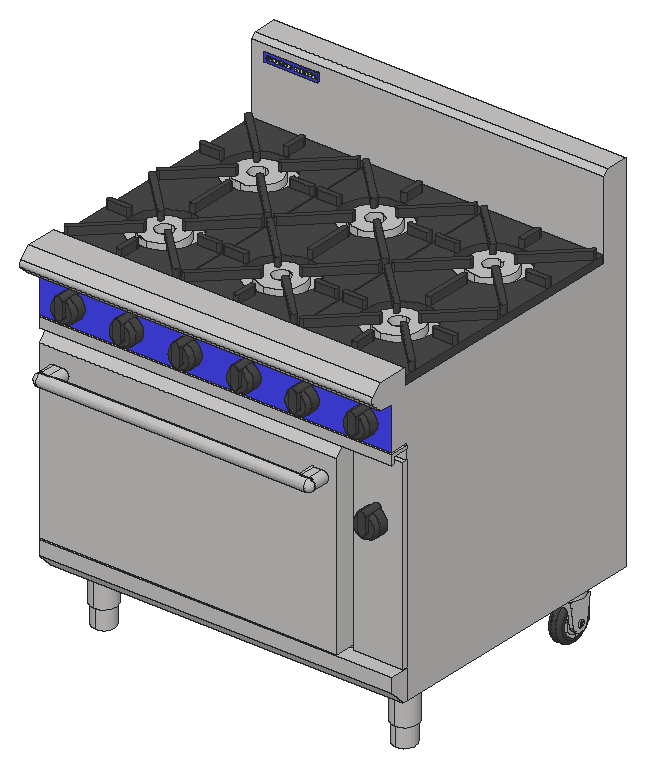
Revit family "QF_MOFFAT_BLUESEAL_AU_G506D", category Specialty Equipment, Revit 2012 (continued)
Lines and regions (mm)
  symbolic lines
    curve 87: line (723.907, -512.407, 0) -> (610.77, -399.27, 0)
    curve 88: line (610.733, -537.634, 0) -> (662.459, -537.634, 0)
    curve 89: line (781.093, -512.407, 0) -> (894.23, -399.27, 0)
    curve 90: line (723.907, -562.593, 0) -> (610.77, -675.73, 0)
    curve 91: line (781.093, -562.593, 0) -> (894.23, -675.73, 0)
    curve 92: line (752.466, -96.281, 0) -> (752.466, -149.16, 0)
    curve 93: line (723.907, -269.593, 0) -> (610.77, -382.73, 0)
    curve 94: line (781.093, -269.593, 0) -> (894.23, -382.73, 0)
    curve 95: line (893.24, -241, 0) -> (843.24, -241, 0)
    curve 96: line (610.733, -241, 0) -> (662.459, -241, 0)
    curve 97: line (723.907, -205.407, 0) -> (610.77, -92.27, 0)
    curve 98: line (781.093, -205.407, 0) -> (894.23, -92.27, 0)
    curve 99: line (32.794, -18.385, 0) -> (260.753, -18.385, 0)
    curve 100: arc (260.753, -18.385, 0) -> (265.753, -19.725, 0) -> (269.413, -23.385, 0) r 10
    curve 101: line (269.413, -23.385, 0) -> (273.455, -30.385, 0)
    curve 102: arc (273.455, -30.385, 0) -> (273.455, -40.385, 0) -> (264.794, -45.385, 0) r 10
    curve 103: line (264.794, -45.385, 0) -> (36.836, -45.385, 0)
    curve 104: arc (36.836, -45.385, 0) -> (31.836, -44.045, 0) -> (28.176, -40.385, 0) r 10
    curve 105: line (28.176, -40.385, 0) -> (24.134, -33.385, 0)
    curve 106: arc (24.134, -33.385, 0) -> (24.134, -23.385, 0) -> (32.794, -18.385, 0) r 10
    curve 107: line (560.753, -18.385, 0) -> (332.794, -18.385, 0)
    curve 108: arc (332.794, -18.385, 0) -> (324.134, -23.385, 0) -> (324.134, -33.385, 0) r 10
    curve 109: line (324.134, -33.385, 0) -> (328.176, -40.385, 0)
    curve 110: arc (328.176, -40.385, 0) -> (331.836, -44.045, 0) -> (336.836, -45.385, 0) r 10
    curve 111: line (336.836, -45.385, 0) -> (564.794, -45.385, 0)
    curve 112: arc (564.794, -45.385, 0) -> (573.455, -40.385, 0) -> (573.455, -30.385, 0) r 10
    curve 113: line (573.455, -30.385, 0) -> (569.413, -23.385, 0)
    curve 114: arc (569.413, -23.385, 0) -> (565.753, -19.725, 0) -> (560.753, -18.385, 0) r 10
    curve 115: line (632.794, -18.385, 0) -> (860.753, -18.385, 0)
    curve 116: arc (860.753, -18.385, 0) -> (865.753, -19.725, 0) -> (869.413, -23.385, 0) r 10
    curve 117: line (869.413, -23.385, 0) -> (873.455, -30.385, 0)
    curve 118: arc (873.455, -30.385, 0) -> (873.455, -40.385, 0) -> (864.794, -45.385, 0) r 10
    curve 119: line (864.794, -45.385, 0) -> (636.836, -45.385, 0)
    curve 120: arc (636.836, -45.385, 0) -> (631.836, -44.045, 0) -> (628.176, -40.385, 0) r 10
    curve 121: line (628.176, -40.385, 0) -> (624.134, -33.385, 0)
    curve 122: arc (624.134, -33.385, 0) -> (624.134, -23.385, 0) -> (632.794, -18.385, 0) r 10
    curve 123: line (0, -783.97, 0) -> (900, -783.97, 0)
    curve 124: line (0, -57.5, 0) -> (900, -57.5, 0)
  symbolic lines, style "QF_Door-Drawer Clearances", visible <- "Show Clearance"
    curve 12: line (0, -1218.847, 0) -> (0, -812, 0)
    curve 13: line (0, -1218.847, 0) -> (760, -1218.847, 0)
    curve 14: line (760, -1218.847, 0) -> (760, -812, 0)
Dimensions and locks
  equal spacing: plane 3 "LEFT", plane 7 "Center Y", plane 4 "RIGHT"
  "Width": plane 3 "LEFT" to plane 4 "RIGHT"
  equal spacing: plane 5 "FRONT", plane 8 "Center X", plane 1 "BACK"
  plane 5 "FRONT" to plane 1 "BACK" = 812 mm  (x2)
  equal spacing: plane 4 "RIGHT", plane 7 "Center Y", plane 3 "LEFT"
  plane 4 "RIGHT" to plane 3 "LEFT" = 900 mm
  "Height": plane 6 "TOP" to level
  plane 10 to plane 1 "BACK" = 574.272 mm
  plane 12 to plane 1 "BACK" = 304.972 mm  (x2)
  plane 11 to plane 3 "LEFT" = 60 mm
  plane 14 to plane 3 "LEFT" = 74 mm
  plane 9 to plane 3 "LEFT" = 280 mm
  "Depth": plane 1 "BACK" to plane 15
  plane 15 to plane 5 "FRONT" = 0 mm
  plane 6 "TOP" to plane 2 = 970 mm
  plane 2 to Extrusion 1 sketch curve = 875 mm
  locked: plane 2 to Extrusion 1 sketch curve at 915
  Revolve 30 sketch curve to Revolve 30 sketch curve = 50.8 mm
  Revolve 34 sketch curve to Revolve 34 sketch curve = 50.8 mm
  plane 20 to level = 1085 mm
  Extrusion 35 sketch curve to plane 22 = 64.8 mm
  plane 23 to Extrusion 38 sketch curve = 67.217 mm
  plane 24 to Extrusion 39 sketch curve = 65.8 mm
  aligned and locked: level to plane 2
  aligned and locked: curve 3 to plane 4 "RIGHT"
Automatic sketch dimensions
  Extrusion 1 sketch curve to plane 21 = 0 mm
  Extrusion 1 sketch curve to plane 20 = 0 mm
  Extrusion 1 sketch curve to plane 1 "BACK" = 0 mm
  plane 21 to Extrusion 1 sketch curve = 44 mm
  Extrusion 1 sketch curve to plane 5 "FRONT" = 28.03 mm
  Extrusion 1 sketch curve to plane 5 "FRONT" = 27.03 mm
  Extrusion 1 sketch curve to plane 5 "FRONT" = 12.018 mm
  Extrusion 1 sketch curve to plane 5 "FRONT" = 3.524 mm  (x2)
  Extrusion 1 sketch curve to plane 21 = 6 mm
  Extrusion 1 sketch curve to plane 20 = 12.5 mm
  plane 19 to Extrusion 1 sketch curve = 30 mm
  Extrusion 1 sketch curve to Extrusion 1 sketch curve = 12.5 mm
  Extrusion 1 sketch curve to Extrusion 1 sketch curve = 41.494 mm
  Extrusion 1 sketch curve to Extrusion 1 sketch curve = 25 mm
  plane 18 to Extrusion 1 sketch curve = 85 mm
  level to Extrusion 1 sketch curve = 150 mm
  Extrusion 1 sketch curve to Extrusion 1 sketch curve = 8.494 mm
  plane 21 to Extrusion 2 sketch curve = 20 mm
  Extrusion 2 sketch curve to plane 21 = 6 mm
  level to Extrusion 2 sketch curve = 227.5 mm
  plane 21 to Extrusion 3 sketch curve = 9 mm
  Extrusion 3 sketch curve to plane 21 = 6 mm
  level to Extrusion 3 sketch curve = 227.5 mm
  plane 18 to Extrusion 3 sketch curve = 45 mm
  Revolve 4 sketch curve to level = 0 mm
  Revolve 4 sketch curve to plane 21 = 48.25 mm
  Revolve 4 sketch curve to Revolve 4 sketch curve = 4.25 mm
  Revolve 4 sketch curve to Revolve 4 sketch curve = 27.5 mm  (x2)
  level to Revolve 4 sketch curve = 50 mm
  Revolve 4 sketch curve to Revolve 4 sketch curve = 0 mm
  Revolve 4 sketch curve to Revolve 4 sketch curve = 100 mm
  Revolve 4 sketch curve to Revolve 4 sketch curve = 55 mm
  Revolve 5 sketch curve to level = 0 mm
  Revolve 5 sketch curve to plane 21 = 48.25 mm
  Revolve 5 sketch curve to Revolve 5 sketch curve = 4.25 mm
  Revolve 5 sketch curve to Revolve 5 sketch curve = 27.5 mm  (x2)
  Revolve 5 sketch curve to level = 55 mm
  Revolve 5 sketch curve to Revolve 5 sketch curve = 50 mm
  Revolve 5 sketch curve to Revolve 5 sketch curve = 0 mm
  Revolve 5 sketch curve to Revolve 5 sketch curve = 100 mm
  Extrusion 6 sketch curve to plane 17 = 0 mm
  Extrusion 6 sketch curve to plane 16 = 64.5 mm
  Revolve 7 sketch curve to plane 5 "FRONT" = 19 mm
  Revolve 7 sketch curve to Revolve 7 sketch curve = 0 mm  (x2)
  Revolve 7 sketch curve to Revolve 7 sketch curve = 11 mm
  Revolve 7 sketch curve to Revolve 7 sketch curve = 12.7 mm
  Revolve 7 sketch curve to Revolve 7 sketch curve = 23 mm
  Revolve 7 sketch curve to Revolve 7 sketch curve = 10 mm
  plane 18 to Revolve 7 sketch curve = 141.882 mm
  Revolve 7 sketch curve to Revolve 7 sketch curve = 5 mm
  Revolve 7 sketch curve to Revolve 7 sketch curve = 26.651 mm
  Revolve 7 sketch curve to Revolve 7 sketch curve = 5.849 mm
  Revolve 8 sketch curve to plane 5 "FRONT" = 19 mm
  Revolve 8 sketch curve to Revolve 8 sketch curve = 0 mm  (x2)
  Revolve 8 sketch curve to Revolve 8 sketch curve = 11 mm
  Revolve 8 sketch curve to Revolve 8 sketch curve = 12.7 mm
  Revolve 8 sketch curve to Revolve 8 sketch curve = 23 mm
  Revolve 8 sketch curve to Revolve 8 sketch curve = 10 mm
  plane 18 to Revolve 8 sketch curve = 141.882 mm
  Revolve 8 sketch curve to Revolve 8 sketch curve = 5 mm
  Revolve 8 sketch curve to Revolve 8 sketch curve = 26.651 mm
  Revolve 8 sketch curve to Revolve 8 sketch curve = 5.849 mm
  Revolve 9 sketch curve to plane 5 "FRONT" = 19 mm
  Revolve 9 sketch curve to Revolve 9 sketch curve = 0 mm  (x2)
  Revolve 9 sketch curve to Revolve 9 sketch curve = 11 mm
  Revolve 9 sketch curve to Revolve 9 sketch curve = 12.7 mm
  Revolve 9 sketch curve to Revolve 9 sketch curve = 23 mm
  Revolve 9 sketch curve to Revolve 9 sketch curve = 10 mm
  Revolve 9 sketch curve to plane 6 "TOP" = 140.618 mm
  Revolve 9 sketch curve to Revolve 9 sketch curve = 5.849 mm
  Revolve 9 sketch curve to Revolve 9 sketch curve = 27.5 mm
  Revolve 9 sketch curve to Revolve 9 sketch curve = 5 mm
  Revolve 10 sketch curve to plane 5 "FRONT" = 19 mm
  Revolve 10 sketch curve to Revolve 10 sketch curve = 0 mm  (x2)
  Revolve 10 sketch curve to Revolve 10 sketch curve = 11 mm
  Revolve 10 sketch curve to Revolve 10 sketch curve = 12.7 mm
  Revolve 10 sketch curve to Revolve 10 sketch curve = 23 mm
  Revolve 10 sketch curve to Revolve 10 sketch curve = 10 mm
  Revolve 10 sketch curve to plane 6 "TOP" = 140.618 mm
  Revolve 10 sketch curve to Revolve 10 sketch curve = 5.849 mm
  Revolve 10 sketch curve to Revolve 10 sketch curve = 27.5 mm
  Revolve 10 sketch curve to Revolve 10 sketch curve = 5 mm
  Revolve 11 sketch curve to plane 5 "FRONT" = 19 mm
  Revolve 11 sketch curve to Revolve 11 sketch curve = 0 mm  (x2)
  Revolve 11 sketch curve to Revolve 11 sketch curve = 11 mm
  Revolve 11 sketch curve to Revolve 11 sketch curve = 12.7 mm
  Revolve 11 sketch curve to Revolve 11 sketch curve = 23 mm
  Revolve 11 sketch curve to Revolve 11 sketch curve = 10 mm
  Revolve 11 sketch curve to plane 6 "TOP" = 140.618 mm
  Revolve 11 sketch curve to Revolve 11 sketch curve = 5.849 mm
  Revolve 11 sketch curve to Revolve 11 sketch curve = 27.5 mm
  Revolve 11 sketch curve to Revolve 11 sketch curve = 5 mm
  plane 14 to Extrusion 12 sketch curve = 26.156 mm
  Extrusion 12 sketch curve to Extrusion 12 sketch curve = 10 mm
  Extrusion 12 sketch curve to plane 6 "TOP" = 146.118 mm
  Extrusion 12 sketch curve to Extrusion 12 sketch curve = 35 mm
  Extrusion 13 sketch curve to plane 9 = 29.844 mm
  Extrusion 13 sketch curve to Extrusion 13 sketch curve = 10 mm
  Extrusion 13 sketch curve to plane 6 "TOP" = 146.118 mm
  Extrusion 13 sketch curve to Extrusion 13 sketch curve = 35 mm
  Extrusion 14 sketch curve to plane 16 = 4.656 mm
  plane 16 to Extrusion 14 sketch curve = 5.344 mm
  plane 18 to Extrusion 14 sketch curve = 133.882 mm
  Extrusion 14 sketch curve to Extrusion 14 sketch curve = 35 mm
  Extrusion 15 sketch curve to plane 16 = 154.656 mm
  Extrusion 15 sketch curve to Extrusion 15 sketch curve = 10 mm
  plane 18 to Extrusion 15 sketch curve = 133.882 mm
  Extrusion 15 sketch curve to Extrusion 15 sketch curve = 35 mm
  Extrusion 16 sketch curve to plane 7 "Center Y" = 49.868 mm
  Extrusion 16 sketch curve to Extrusion 16 sketch curve = 10 mm
  Extrusion 16 sketch curve to plane 6 "TOP" = 146.118 mm
  Extrusion 16 sketch curve to Extrusion 16 sketch curve = 35 mm
  plane 7 "Center Y" to Extrusion 17 sketch curve = 100.132 mm
  Extrusion 17 sketch curve to Extrusion 17 sketch curve = 10 mm
  Extrusion 17 sketch curve to plane 6 "TOP" = 146.118 mm
  Extrusion 17 sketch curve to Extrusion 17 sketch curve = 35 mm
  Revolve 18 sketch curve to plane 5 "FRONT" = 54 mm
  Revolve 18 sketch curve to Revolve 18 sketch curve = 0 mm  (x2)
  Revolve 18 sketch curve to Revolve 18 sketch curve = 11 mm
  Revolve 18 sketch curve to Revolve 18 sketch curve = 12.7 mm
  plane 21 to Revolve 18 sketch curve = 19 mm
  plane 21 to Revolve 18 sketch curve = 9 mm
  Revolve 18 sketch curve to plane 18 = 103.743 mm
  Revolve 18 sketch curve to Revolve 18 sketch curve = 5 mm
  Revolve 18 sketch curve to Revolve 18 sketch curve = 26.651 mm
  Revolve 18 sketch curve to Revolve 18 sketch curve = 5.849 mm
  Extrusion 19 sketch curve to plane 16 = 7.156 mm
  plane 16 to Extrusion 19 sketch curve = 2.844 mm
  Extrusion 19 sketch curve to plane 18 = 111.743 mm
  Extrusion 19 sketch curve to Extrusion 19 sketch curve = 35 mm
  plane 21 to Extrusion 20 sketch curve = 44 mm
  level to Extrusion 20 sketch curve = 227.5 mm
  plane 5 "FRONT" to Extrusion 20 sketch curve = 406.847 mm
  plane 1 "BACK" to Extrusion 21 sketch curve = 0 mm
  Extrusion 21 sketch curve to plane 17 = 7 mm
  Extrusion 21 sketch curve to plane 16 = 140.5 mm
  plane 19 to Extrusion 21 sketch curve = 13 mm
  Extrusion 21 sketch curve to Extrusion 21 sketch curve = 50 mm
  Extrusion 21 sketch curve to plane 16 = 10.5 mm
  Revolve 22 sketch curve to plane 5 "FRONT" = 19 mm
  Revolve 22 sketch curve to Revolve 22 sketch curve = 0 mm  (x2)
  Revolve 22 sketch curve to Revolve 22 sketch curve = 11 mm
  Revolve 22 sketch curve to Revolve 22 sketch curve = 12.7 mm
  Revolve 22 sketch curve to Revolve 22 sketch curve = 23 mm
  Revolve 22 sketch curve to Revolve 22 sketch curve = 10 mm
  Revolve 22 sketch curve to plane 6 "TOP" = 140.618 mm
  Revolve 22 sketch curve to Revolve 22 sketch curve = 5.849 mm
  Revolve 22 sketch curve to Revolve 22 sketch curve = 27.5 mm
  Revolve 22 sketch curve to Revolve 22 sketch curve = 5 mm
  Extrusion 23 sketch curve to plane 11 = 1.472 mm
  Extrusion 23 sketch curve to plane 18 = 46.875 mm  (x2)
  Extrusion 23 sketch curve to Extrusion 23 sketch curve = 15 mm  (x2)
  Extrusion 23 sketch curve to plane 16 = 131.743 mm
  Extrusion 23 sketch curve to Extrusion 23 sketch curve = 20.282 mm  (x2)
  Revolve 24 sketch curve to plane 3 "LEFT" = 6.961 mm
  plane 3 "LEFT" to Revolve 24 sketch curve = 23.246 mm
  Revolve 24 sketch curve to plane 18 = 16.875 mm
  Revolve 24 sketch curve to Revolve 24 sketch curve = 15 mm
  Revolve 24 sketch curve to plane 18 = 31.875 mm
  plane 7 "Center Y" to Revolve 24 sketch curve = 138.039 mm
  Revolve 24 sketch curve to plane 16 = 111.461 mm
  plane 21 to Extrusion 25 sketch curve = 44 mm
  Extrusion 25 sketch curve to Extrusion 25 sketch curve = 6.387 mm
  Extrusion 25 sketch curve to Extrusion 25 sketch curve = 8.776 mm
  Extrusion 25 sketch curve to plane 21 = 4.07 mm
  plane 18 to Extrusion 25 sketch curve = 55 mm
  Extrusion 25 sketch curve to Extrusion 25 sketch curve = 16.999 mm
  Extrusion 25 sketch curve to Extrusion 25 sketch curve = 7.004 mm
  plane 21 to Extrusion 26 sketch curve = 44 mm
  Extrusion 26 sketch curve to Extrusion 26 sketch curve = 36.5 mm
  Extrusion 27 sketch curve to plane 19 = 0 mm
  Extrusion 27 sketch curve to plane 19 = 19.393 mm
  Extrusion 27 sketch curve to plane 19 = 31.75 mm
  plane 19 to Extrusion 27 sketch curve = 19.393 mm
  plane 19 to Extrusion 27 sketch curve = 31.75 mm
  level to Extrusion 27 sketch curve = 45.111 mm
  Extrusion 27 sketch curve to Extrusion 27 sketch curve = 4.889 mm
  Extrusion 27 sketch curve to Extrusion 27 sketch curve = 64.889 mm
  Revolve 28 sketch curve to plane 19 = 0 mm  (x2)
  Revolve 28 sketch curve to plane 19 = 35.75 mm
  Revolve 28 sketch curve to level = 55 mm
  level to Revolve 28 sketch curve = 50 mm
  Revolve 28 sketch curve to Revolve 28 sketch curve = 60 mm
  Revolve 28 sketch curve to Revolve 28 sketch curve = 40 mm
  Revolve 29 sketch curve to plane 19 = 0 mm  (x2)
  Revolve 29 sketch curve to plane 19 = 35.75 mm
  level to Revolve 29 sketch curve = 150 mm
  Revolve 29 sketch curve to Revolve 29 sketch curve = 40 mm
  level to Revolve 29 sketch curve = 50 mm
  Revolve 29 sketch curve to level = 55 mm
  Revolve 30 sketch curve to plane 16 = 34.382 mm
  Revolve 30 sketch curve to Revolve 30 sketch curve = 1.27 mm  (x4)
  Revolve 30 sketch curve to Revolve 30 sketch curve = 1.524 mm  (x2)
  Revolve 30 sketch curve to Revolve 30 sketch curve = 12.146 mm  (x2)
  Revolve 30 sketch curve to plane 16 = 16.68 mm
  Revolve 30 sketch curve to Revolve 30 sketch curve = 0.794 mm  (x2)
  Revolve 30 sketch curve to Revolve 30 sketch curve = 3.57 mm
  Revolve 30 sketch curve to Revolve 30 sketch curve = 2.143 mm
  Revolve 30 sketch curve to plane 16 = 6.361 mm
  plane 16 to Revolve 30 sketch curve = 5.13 mm
  plane 16 to Revolve 30 sketch curve = 6.339 mm
  plane 16 to Revolve 30 sketch curve = 14.515 mm
  Revolve 30 sketch curve to Revolve 30 sketch curve = 1.349 mm  (x2)
  Revolve 30 sketch curve to Revolve 30 sketch curve = 3.556 mm
  Revolve 30 sketch curve to plane 4 "RIGHT" = 2.18 mm
  level to Revolve 30 sketch curve = 50.8 mm
  Revolve 30 sketch curve to Revolve 30 sketch curve = 0 mm
  Revolve 30 sketch curve to Revolve 30 sketch curve = 3.505 mm  (x2)
  Revolve 30 sketch curve to Revolve 30 sketch curve = 3.447 mm  (x2)
  Revolve 30 sketch curve to Revolve 30 sketch curve = 9.964 mm
  Revolve 30 sketch curve to Revolve 30 sketch curve = 10.045 mm
  Revolve 30 sketch curve to Revolve 30 sketch curve = 2.053 mm
  Revolve 30 sketch curve to Revolve 30 sketch curve = 2.061 mm
  Revolve 30 sketch curve to Revolve 30 sketch curve = 8.247 mm
  Revolve 30 sketch curve to Revolve 30 sketch curve = 8.336 mm
  Revolve 30 sketch curve to Revolve 30 sketch curve = 6.35 mm  (x2)
  Extrusion 31 sketch curve to plane 19 = 0 mm
  Extrusion 31 sketch curve to plane 19 = 19.393 mm
  Extrusion 31 sketch curve to plane 19 = 31.75 mm
  plane 19 to Extrusion 31 sketch curve = 19.393 mm
  plane 19 to Extrusion 31 sketch curve = 31.75 mm
  level to Extrusion 31 sketch curve = 45.111 mm
  Extrusion 31 sketch curve to Extrusion 31 sketch curve = 4.889 mm
  Extrusion 31 sketch curve to Extrusion 31 sketch curve = 64.889 mm
  Revolve 32 sketch curve to level = 0 mm
  Revolve 32 sketch curve to plane 19 = 0 mm  (x2)
  Revolve 32 sketch curve to Revolve 32 sketch curve = 27.5 mm
  Revolve 32 sketch curve to Revolve 32 sketch curve = 31.75 mm
  Revolve 32 sketch curve to level = 55 mm
  Revolve 32 sketch curve to Revolve 32 sketch curve = 50 mm
  Revolve 32 sketch curve to Revolve 32 sketch curve = 0 mm
  Revolve 32 sketch curve to Revolve 32 sketch curve = 100 mm
  Revolve 33 sketch curve to level = 0 mm
  Revolve 33 sketch curve to plane 19 = 0 mm  (x2)
  Revolve 33 sketch curve to Revolve 33 sketch curve = 27.5 mm
  Revolve 33 sketch curve to Revolve 33 sketch curve = 31.75 mm
  level to Revolve 33 sketch curve = 50 mm
  Revolve 33 sketch curve to Revolve 33 sketch curve = 0 mm
  Revolve 33 sketch curve to Revolve 33 sketch curve = 100 mm
  Revolve 33 sketch curve to Revolve 33 sketch curve = 55 mm
  plane 14 to Revolve 34 sketch curve = 25.382 mm
  Revolve 34 sketch curve to Revolve 34 sketch curve = 1.27 mm  (x4)
  Revolve 34 sketch curve to Revolve 34 sketch curve = 1.524 mm  (x2)
  plane 14 to Revolve 34 sketch curve = 10.442 mm
  plane 14 to Revolve 34 sketch curve = 7.68 mm
  Revolve 34 sketch curve to Revolve 34 sketch curve = 0.794 mm  (x2)
  Revolve 34 sketch curve to Revolve 34 sketch curve = 3.57 mm
  Revolve 34 sketch curve to Revolve 34 sketch curve = 2.143 mm
  Revolve 34 sketch curve to plane 14 = 2.639 mm
  Revolve 34 sketch curve to plane 11 = 0.13 mm
  Revolve 34 sketch curve to plane 11 = 1.339 mm
  Revolve 34 sketch curve to plane 11 = 9.515 mm
  Revolve 34 sketch curve to Revolve 34 sketch curve = 1.349 mm  (x2)
  Revolve 34 sketch curve to Revolve 34 sketch curve = 3.556 mm
  Revolve 34 sketch curve to Revolve 34 sketch curve = 12.146 mm
  Revolve 34 sketch curve to plane 3 "LEFT" = 2.68 mm
  level to Revolve 34 sketch curve = 101.6 mm
  Revolve 34 sketch curve to Revolve 34 sketch curve = 6.35 mm  (x4)
  Revolve 34 sketch curve to Revolve 34 sketch curve = 8.247 mm
  Revolve 34 sketch curve to Revolve 34 sketch curve = 8.336 mm
  Revolve 34 sketch curve to Revolve 34 sketch curve = 2.061 mm
  Revolve 34 sketch curve to Revolve 34 sketch curve = 2.053 mm
  Revolve 34 sketch curve to Revolve 34 sketch curve = 10.045 mm
  Revolve 34 sketch curve to Revolve 34 sketch curve = 9.964 mm
  Revolve 34 sketch curve to Revolve 34 sketch curve = 3.447 mm  (x2)
  Revolve 34 sketch curve to Revolve 34 sketch curve = 3.505 mm
  plane 21 to Extrusion 35 sketch curve = 0 mm
  Extrusion 35 sketch curve to plane 21 = 3 mm  (x2)
  plane 10 to Extrusion 35 sketch curve = 36.504 mm
  plane 12 to Extrusion 35 sketch curve = 67.472 mm
  plane 19 to Extrusion 35 sketch curve = 26 mm  (x2)
  Extrusion 35 sketch curve to Extrusion 35 sketch curve = 3 mm
  plane 14 to Extrusion 35 sketch curve = 76 mm  (x2)
  plane 9 to Extrusion 35 sketch curve = 17 mm
  Extrusion 36 sketch curve to Extrusion 35 = 19.102 mm  (x6)
  Extrusion 36 sketch curve to Extrusion 36 sketch curve = 4.525 mm  (x48)
  Extrusion 36 sketch curve to Extrusion 35 = 27.593 mm  (x3)
  Extrusion 36 sketch curve to Extrusion 36 sketch curve = 48.456 mm  (x13)
  Extrusion 36 sketch curve to Extrusion 36 sketch curve = 50.976 mm  (x3)
  Extrusion 36 sketch curve to Extrusion 36 sketch curve = 0 mm  (x19)
  Extrusion 35 to Extrusion 36 sketch curve = 9.908 mm  (x2)
  Extrusion 36 sketch curve to Extrusion 36 sketch curve = 27.39 mm  (x5)
  Extrusion 36 sketch curve to Extrusion 36 sketch curve = 6.4 mm  (x21)
  Extrusion 36 sketch curve to Extrusion 36 sketch curve = 20.658 mm  (x6)
  Extrusion 36 sketch curve to Extrusion 36 sketch curve = 55.923 mm  (x3)
  Extrusion 35 to Extrusion 36 sketch curve = 6.102 mm  (x3)
  Extrusion 36 sketch curve to Extrusion 36 sketch curve = 128.581 mm  (x4)
  Extrusion 36 sketch curve to Extrusion 35 = 6.102 mm  (x2)
  Extrusion 36 sketch curve to Extrusion 35 = 5.102 mm  (x3)
  Extrusion 36 sketch curve to Extrusion 35 = 14.153 mm
  Extrusion 36 sketch curve to Extrusion 36 sketch curve = 12.205 mm  (x6)
  Extrusion 36 sketch curve to Extrusion 35 = 15.153 mm  (x2)
  Extrusion 35 to Extrusion 36 sketch curve = 15.153 mm
  Extrusion 36 sketch curve to Extrusion 36 sketch curve = 112.454 mm  (x3)
  Extrusion 36 sketch curve to Extrusion 36 sketch curve = 59.673 mm  (x3)
  Extrusion 36 sketch curve to Extrusion 36 sketch curve = 17.024 mm  (x4)
  Extrusion 36 sketch curve to Extrusion 36 sketch curve = 46.847 mm  (x6)
  Extrusion 36 sketch curve to Extrusion 36 sketch curve = 62.169 mm  (x3)
  Extrusion 36 sketch curve to Extrusion 35 = 36.153 mm  (x4)
  Extrusion 36 sketch curve to Extrusion 35 = 23.4 mm  (x3)
  Extrusion 36 sketch curve to Extrusion 35 = 9.156 mm  (x2)
  Extrusion 36 sketch curve to Extrusion 36 sketch curve = 55.413 mm  (x7)
  Extrusion 36 sketch curve to Extrusion 36 sketch curve = 20.524 mm  (x9)
  Extrusion 36 sketch curve to Extrusion 36 sketch curve = 53.847 mm  (x12)
  Extrusion 36 sketch curve to Extrusion 35 = 58.364 mm
  Extrusion 36 sketch curve to Extrusion 36 sketch curve = 55.661 mm  (x6)
  Extrusion 36 sketch curve to Extrusion 35 = 9.908 mm  (x2)
  Extrusion 36 sketch curve to Extrusion 36 sketch curve = 128.447 mm  (x6)
  Extrusion 36 sketch curve to Extrusion 36 sketch curve = 15.038 mm  (x4)
  Extrusion 36 sketch curve to Extrusion 36 sketch curve = 23.146 mm  (x2)
  Extrusion 38 sketch curve to plane 7 "Center Y" = 0 mm  (x2)
  plane 21 to Extrusion 38 sketch curve = 0 mm
  Extrusion 38 sketch curve to plane 21 = 3 mm  (x2)
  plane 10 to Extrusion 38 sketch curve = 36.504 mm
  plane 12 to Extrusion 38 sketch curve = 67.472 mm
  plane 19 to Extrusion 38 sketch curve = 26 mm  (x2)
  Extrusion 38 sketch curve to Extrusion 38 sketch curve = 3 mm
  plane 9 to Extrusion 38 sketch curve = 23 mm
  plane 21 to Extrusion 39 sketch curve = 0 mm
  Extrusion 39 sketch curve to plane 21 = 3 mm  (x2)
  plane 10 to Extrusion 39 sketch curve = 36.504 mm
  plane 12 to Extrusion 39 sketch curve = 67.472 mm
  plane 19 to Extrusion 39 sketch curve = 26 mm  (x2)
  Extrusion 39 sketch curve to Extrusion 39 sketch curve = 3 mm
  Extrusion 39 sketch curve to plane 24 = 84.2 mm  (x2)
  plane 7 "Center Y" to Extrusion 39 sketch curve = 154.417 mm
  curve 23 to curve 24 = 0 mm  (x2)
  curve 23 to curve 27 = 0 mm  (x2)
  curve 23 to curve 28 = 0 mm  (x2)
  curve 24 to curve 27 = 0 mm  (x2)
  curve 24 to curve 28 = 0 mm  (x2)
  curve 25 to curve 26 = 0 mm  (x2)
  curve 27 to curve 28 = 0 mm  (x2)
  curve 37 to curve 38 = 0 mm  (x2)
  curve 37 to curve 39 = 0 mm  (x2)
  curve 37 to curve 40 = 0 mm  (x2)
  curve 37 to curve 41 = 0 mm  (x2)
  curve 37 to curve 42 = 0 mm  (x2)
  curve 38 to curve 39 = 0 mm  (x2)
  curve 38 to curve 40 = 0 mm  (x2)
  curve 38 to curve 41 = 0 mm  (x2)
  curve 38 to curve 42 = 0 mm  (x2)
  curve 39 to curve 40 = 0 mm  (x2)
  curve 39 to curve 41 = 0 mm  (x2)
  curve 39 to curve 42 = 0 mm  (x2)
  curve 40 to curve 41 = 0 mm  (x2)
  curve 40 to curve 42 = 0 mm  (x2)
  curve 41 to curve 42 = 0 mm  (x2)
  curve 45 to curve 46 = 0 mm  (x2)
  curve 45 to curve 47 = 0 mm  (x2)
  curve 45 to curve 48 = 0 mm  (x2)
  curve 46 to curve 47 = 0 mm  (x2)
  curve 46 to curve 48 = 0 mm  (x2)
  curve 47 to curve 48 = 0 mm  (x2)
  curve 49 to curve 50 = 0 mm  (x2)
  curve 49 to curve 51 = 0 mm  (x2)
  curve 49 to curve 52 = 0 mm  (x2)
  curve 50 to curve 51 = 0 mm  (x2)
  curve 50 to curve 52 = 0 mm  (x2)
  curve 51 to curve 52 = 0 mm  (x2)
  curve 53 to curve 54 = 0 mm  (x2)
  curve 55 to curve 56 = 0 mm  (x2)
  curve 55 to curve 57 = 0 mm  (x2)
  curve 55 to curve 58 = 0 mm  (x2)
  curve 55 to curve 59 = 0 mm  (x2)
  curve 55 to curve 60 = 0 mm  (x2)
  curve 56 to curve 57 = 0 mm  (x2)
  curve 56 to curve 58 = 0 mm  (x2)
  curve 56 to curve 59 = 0 mm  (x2)
  curve 56 to curve 60 = 0 mm  (x2)
  curve 57 to curve 58 = 0 mm  (x2)
  curve 57 to curve 59 = 0 mm  (x2)
  curve 57 to curve 60 = 0 mm  (x2)
  curve 58 to curve 59 = 0 mm  (x2)
  curve 58 to curve 60 = 0 mm  (x2)
  curve 59 to curve 60 = 0 mm  (x2)
  curve 61 to curve 62 = 0 mm  (x2)
  curve 63 to curve 64 = 0 mm  (x2)
  curve 63 to curve 65 = 0 mm  (x2)
  curve 63 to curve 66 = 0 mm  (x2)
  curve 63 to curve 67 = 0 mm  (x2)
  curve 63 to curve 68 = 0 mm  (x2)
  curve 64 to curve 65 = 0 mm  (x2)
  curve 64 to curve 66 = 0 mm  (x2)
  curve 64 to curve 67 = 0 mm  (x2)
  curve 64 to curve 68 = 0 mm  (x2)
  curve 65 to curve 66 = 0 mm  (x2)
  curve 65 to curve 67 = 0 mm  (x2)
  curve 65 to curve 68 = 0 mm  (x2)
  curve 66 to curve 67 = 0 mm  (x2)
  curve 66 to curve 68 = 0 mm  (x2)
  curve 67 to curve 68 = 0 mm  (x2)
  curve 61 to plane 7 "Center Y" = 0 mm
  curve 45 to plane 7 "Center Y" = 0 mm
  curve 63 to plane 7 "Center Y" = 0 mm
  curve 57 to plane 16 = 84.5 mm
  plane 10 to curve 49 = 36.772 mm
  curve 49 to plane 16 = 84.5 mm
  curve 53 to curve 49 = 0 mm
  plane 12 to curve 42 = 45.472 mm
  plane 14 to curve 42 = 76 mm
  plane 14 to curve 28 = 76 mm
  curve 26 to curve 23 = 0 mm
  curve 39 to curve 41 = 22 mm
  plane 12 to curve 67 = 67.472 mm
  plane 12 to curve 57 = 67.472 mm
  curve 67 to curve 63 = 22 mm
  curve 59 to curve 55 = 22 mm
  curve 66 to curve 67 = 35 mm
  curve 58 to curve 59 = 35 mm
  curve 39 to curve 41 = 35 mm
  curve 38 to curve 39 = 28 mm
  curve 56 to curve 57 = 28 mm
  curve 63 to curve 65 = 28 mm
  curve 25 to plane 8 "Center X" = 46.768 mm
  curve 54 to plane 8 "Center X" = 46.768 mm
  curve 62 to plane 8 "Center X" = 46.768 mm
  curve 53 to curve 50 = 27.732 mm
  curve 61 to curve 46 = 27.732 mm
  curve 25 to curve 23 = 27.732 mm
  curve 52 to curve 49 = 22 mm
  curve 45 to curve 48 = 35 mm
  curve 23 to curve 28 = 35 mm
  curve 27 to curve 28 = 22 mm
  curve 47 to curve 45 = 22 mm
  curve 23 to curve 25 = 0.268 mm
  curve 49 to curve 54 = 0.268 mm
  curve 45 to curve 62 = 0.268 mm
  Extrusion 37 sketch curve to Extrusion 37 sketch curve = 0 mm  (x12)
  Extrusion 37 sketch curve to plane 7 "Center Y" = 0 mm  (x2)
  plane 12 to Extrusion 37 sketch curve = 67.472 mm  (x3)
  plane 10 to Extrusion 37 sketch curve = 36.772 mm  (x3)
  plane 14 to Extrusion 37 sketch curve = 76 mm  (x2)
  Extrusion 37 sketch curve to plane 16 = 84.5 mm  (x2)
  plane 1 "BACK" to curve 1 = 0 mm
  curve 1 to plane 3 "LEFT" = 0 mm
  plane 5 "FRONT" to curve 9 = 0 mm
  plane 21 to curve 6 = 0 mm
  plane 3 "LEFT" to curve 31 = 8.27 mm
  plane 3 "LEFT" to curve 44 = 8.27 mm
  plane 3 "LEFT" to curve 34 = 8.27 mm
  plane 3 "LEFT" to curve 29 = 8.27 mm
  plane 3 "LEFT" to curve 20 = 9.26 mm
  plane 3 "LEFT" to curve 35 = 9.26 mm
  plane 3 "LEFT" to curve 9 = 22.65 mm
  curve 10 to plane 11 = 11.111 mm
  curve 9 to plane 11 = 9.192 mm
  curve 20 to plane 11 = 0.74 mm
  curve 35 to plane 11 = 0.74 mm
  plane 14 to curve 34 = 47.407 mm
  plane 14 to curve 44 = 47.407 mm
  plane 14 to curve 29 = 47.407 mm
  plane 10 to curve 31 = 11.679 mm
  plane 14 to curve 31 = 47.407 mm
  curve 18 to plane 12 = 26.806 mm
  curve 34 to curve 18 = 28.581 mm
  curve 19 to plane 21 = 23.732 mm
  plane 14 to curve 19 = 76.034 mm
  curve 44 to curve 32 = 28.628 mm
  curve 44 to curve 43 = 57.187 mm
  plane 12 to curve 33 = 35.379 mm
  curve 34 to curve 33 = 57.187 mm
  curve 29 to curve 21 = 57.187 mm
  plane 10 to curve 30 = 11.679 mm
  curve 30 to curve 21 = 0 mm
  curve 36 to plane 9 = 39.959 mm
  curve 22 to plane 9 = 39.959 mm
  plane 9 to curve 43 = 11.73 mm
  plane 9 to curve 33 = 11.73 mm
  plane 9 to curve 30 = 11.73 mm
  plane 9 to curve 21 = 11.73 mm
  plane 9 to curve 22 = 11.767 mm
  plane 9 to curve 36 = 11.767 mm
  curve 15 to plane 21 = 3.3 mm
  plane 9 to curve 15 = 20 mm
  plane 8 "Center X" to curve 74 = 6.73 mm
  curve 21 to curve 74 = 16.539 mm
  curve 30 to curve 76 = 16.539 mm
  curve 33 to curve 79 = 16.539 mm
  plane 19 to curve 83 = 7.73 mm
  curve 43 to curve 83 = 16.539 mm
  curve 22 to curve 71 = 17.493 mm
  curve 36 to curve 80 = 17.493 mm
  curve 71 to curve 71 = 50 mm
  curve 80 to curve 80 = 50 mm
  plane 10 to curve 76 = 11.679 mm
  curve 76 to plane 7 "Center Y" = 28.593 mm
  curve 83 to plane 7 "Center Y" = 28.593 mm
  curve 74 to plane 7 "Center Y" = 28.593 mm
  curve 79 to plane 7 "Center Y" = 28.593 mm
  curve 69 to plane 7 "Center Y" = 0.012 mm
  plane 7 "Center Y" to curve 70 = 0.034 mm
  plane 7 "Center Y" to curve 77 = 0.034 mm
  plane 10 to curve 75 = 11.679 mm
  plane 7 "Center Y" to curve 75 = 28.593 mm
  plane 7 "Center Y" to curve 72 = 28.593 mm
  plane 7 "Center Y" to curve 78 = 28.593 mm
  plane 7 "Center Y" to curve 82 = 28.593 mm
  curve 78 to curve 81 = 61.447 mm
  curve 75 to curve 73 = 61.447 mm
  plane 8 "Center X" to curve 72 = 6.73 mm
  plane 7 "Center Y" to curve 72 = 141.73 mm
  plane 19 to curve 82 = 7.73 mm
  plane 7 "Center Y" to curve 82 = 141.73 mm
  curve 78 to plane 13 = 17.758 mm
  curve 78 to curve 72 = 0 mm
  curve 75 to plane 21 = 29.27 mm
  plane 7 "Center Y" to curve 75 = 141.73 mm
  curve 81 to curve 81 = 51.727 mm
  curve 73 to curve 73 = 51.727 mm
  curve 82 to curve 16 = 9.686 mm
  curve 81 to curve 96 = 18.965 mm
  curve 73 to curve 88 = 18.965 mm
  curve 90 to plane 21 = 29.27 mm
  curve 75 to curve 90 = 19.039 mm
  plane 8 "Center X" to curve 87 = 6.73 mm
  curve 72 to curve 87 = 19.039 mm
  curve 93 to plane 13 = 17.758 mm
  curve 78 to curve 93 = 19.039 mm
  plane 19 to curve 97 = 7.73 mm
  curve 82 to curve 97 = 19.039 mm
  curve 96 to curve 96 = 51.727 mm
  curve 88 to curve 88 = 51.727 mm
  plane 12 to curve 93 = 35.379 mm
  curve 96 to curve 93 = 61.447 mm
  curve 97 to curve 93 = 0 mm
  curve 88 to curve 87 = 61.447 mm
  plane 10 to curve 90 = 11.679 mm
  curve 90 to curve 87 = 0 mm
  plane 5 "FRONT" to curve 10 = 14.544 mm
  curve 10 to plane 16 = 112.642 mm
  curve 11 to curve 11 = 25.191 mm
  curve 97 to curve 92 = 28.559 mm
  curve 85 to plane 21 = 23.732 mm
  curve 85 to plane 16 = 82.034 mm
  curve 84 to plane 12 = 26.806 mm
  curve 93 to curve 84 = 28.605 mm
  curve 13 to plane 16 = 74.5 mm
  curve 89 to plane 16 = 53.407 mm
  curve 98 to plane 16 = 53.407 mm
  plane 10 to curve 91 = 11.679 mm
  curve 91 to curve 89 = 0 mm
  curve 94 to plane 16 = 53.407 mm
  plane 16 to curve 86 = 8.74 mm
  plane 16 to curve 95 = 8.74 mm
  plane 4 "RIGHT" to curve 86 = 6.76 mm
  plane 4 "RIGHT" to curve 95 = 6.76 mm
  plane 4 "RIGHT" to curve 89 = 5.77 mm
  plane 4 "RIGHT" to curve 91 = 5.77 mm
  plane 4 "RIGHT" to curve 94 = 5.77 mm
  plane 4 "RIGHT" to curve 98 = 5.77 mm
  curve 12 to curve 10 = 392.303 mm
  curve 70 to plane 21 = 23.732 mm
  curve 7 to curve 91 = 25.97 mm
  curve 7 to curve 31 = 25.97 mm
  curve 15 to curve 76 = 25.97 mm
  curve 30 to curve 76 = 0 mm
  curve 85 to curve 85 = 52.71 mm
  curve 70 to curve 70 = 52.71 mm
  curve 19 to curve 19 = 52.71 mm
  plane 10 to curve 86 = 36.638 mm
  plane 10 to curve 73 = 36.638 mm
  plane 10 to curve 22 = 36.638 mm
  plane 10 to curve 71 = 36.638 mm
  plane 10 to curve 20 = 36.638 mm
  plane 10 to curve 88 = 36.638 mm
  curve 31 to curve 29 = 50.187 mm
  curve 75 to curve 72 = 50.187 mm
  curve 30 to curve 21 = 50.187 mm
  curve 76 to curve 74 = 50.187 mm
  curve 90 to curve 87 = 50.187 mm
  curve 91 to curve 89 = 50.187 mm
  curve 84 to plane 8 "Center X" = 42.358 mm
  curve 18 to plane 8 "Center X" = 42.358 mm
  curve 69 to plane 8 "Center X" = 42.358 mm
  plane 8 "Center X" to curve 89 = 6.73 mm
  plane 8 "Center X" to curve 21 = 6.73 mm
  plane 8 "Center X" to curve 29 = 6.73 mm
  curve 89 to curve 17 = 8.27 mm
  curve 21 to curve 33 = 16.539 mm
  curve 17 to curve 94 = 8.27 mm
  curve 33 to curve 79 = 0 mm
  curve 17 to curve 34 = 8.27 mm
  curve 69 to plane 12 = 26.806 mm
  plane 12 to curve 34 = 35.379 mm
  plane 12 to curve 94 = 35.379 mm
  plane 12 to curve 78 = 35.379 mm
  plane 12 to curve 79 = 35.379 mm
  plane 12 to curve 36 = 63.972 mm
  plane 12 to curve 95 = 63.972 mm
  curve 36 to curve 80 = 0 mm
  plane 12 to curve 81 = 63.972 mm
  curve 81 to curve 96 = 0 mm
  plane 12 to curve 35 = 63.972 mm
  curve 33 to curve 43 = 64.187 mm
  curve 79 to curve 83 = 64.187 mm
  curve 93 to curve 97 = 64.187 mm
  curve 83 to curve 82 = 0 mm
  curve 97 to curve 98 = 0 mm
  curve 44 to curve 43 = 0 mm
  curve 32 to plane 19 = 49.16 mm
  curve 77 to plane 19 = 49.16 mm
  curve 92 to plane 19 = 49.16 mm
  plane 19 to curve 92 = 3.719 mm
  plane 19 to curve 77 = 3.719 mm
  plane 19 to curve 32 = 3.719 mm
  plane 19 to curve 44 = 7.73 mm
  plane 19 to curve 98 = 7.73 mm
  plane 19 to curve 43 = 7.73 mm
  curve 43 to curve 15 = 19.536 mm
  curve 8 to curve 4 = 2.734 mm
  Split face 1 sketch curve to cut or joined group of Extrusion 1, Extrusion 21 = 27.115 mm
  Split face 1 sketch curve to cut or joined group of Extrusion 1, Extrusion 21 = 626.545 mm
  Split face 1 sketch curve to Split face 1 sketch curve = 4.041 mm  (x4)
  Split face 1 sketch curve to Split face 1 sketch curve = 8.66 mm  (x2)
  Split face 1 sketch curve to cut or joined group of Extrusion 1, Extrusion 21 = 12.115 mm
  Split face 1 sketch curve to Split face 1 sketch curve = 223.917 mm
  Split face 1 sketch curve to Split face 1 sketch curve = 7 mm  (x3)
  Split face 1 sketch curve to Split face 1 sketch curve = 17 mm
  Split face 2 sketch curve to cut or joined group of Extrusion 1, Extrusion 21 = 27.115 mm
  Split face 2 sketch curve to cut or joined group of Extrusion 1, Extrusion 21 = 326.545 mm
  Split face 2 sketch curve to cut or joined group of Extrusion 1, Extrusion 21 = 23.385 mm
  Split face 2 sketch curve to Split face 2 sketch curve = 4.041 mm  (x3)
  Split face 2 sketch curve to Split face 2 sketch curve = 8.66 mm  (x3)
  Split face 2 sketch curve to cut or joined group of Extrusion 1, Extrusion 21 = 12.115 mm
  Split face 2 sketch curve to Split face 2 sketch curve = 223.917 mm
  Split face 2 sketch curve to cut or joined group of Extrusion 1, Extrusion 21 = 18.385 mm
  Split face 2 sketch curve to Split face 2 sketch curve = 10 mm
  Split face 2 sketch curve to Split face 2 sketch curve = 7 mm
  Split face 3 sketch curve to cut or joined group of Extrusion 1, Extrusion 21 = 27.115 mm
  Split face 3 sketch curve to cut or joined group of Extrusion 1, Extrusion 21 = 26.545 mm
  Split face 3 sketch curve to cut or joined group of Extrusion 1, Extrusion 21 = 23.385 mm
  Split face 3 sketch curve to Split face 3 sketch curve = 4.041 mm  (x4)
  Split face 3 sketch curve to Split face 3 sketch curve = 8.66 mm  (x2)
  Split face 3 sketch curve to cut or joined group of Extrusion 1, Extrusion 21 = 22.115 mm
  Split face 3 sketch curve to Split face 3 sketch curve = 223.917 mm
  Split face 3 sketch curve to cut or joined group of Extrusion 1, Extrusion 21 = 17.115 mm
  Split face 3 sketch curve to Split face 3 sketch curve = 17 mm
  Split face 3 sketch curve to Split face 3 sketch curve = 7 mm
  curve 105 to plane 17 = 1.385 mm
  plane 3 "LEFT" to curve 105 = 24.134 mm
  curve 105 to plane 17 = 8.385 mm
  curve 105 to curve 105 = 4.041 mm
  plane 17 to curve 106 = 3.615 mm
  curve 106 to curve 106 = 8.66 mm
  curve 104 to curve 104 = 8.66 mm
  plane 17 to curve 100 = 3.615 mm
  curve 100 to plane 9 = 19.247 mm
  curve 102 to plane 17 = 3.385 mm
  curve 100 to curve 102 = 4.041 mm
  plane 17 to curve 101 = 8.615 mm
  plane 17 to curve 102 = 1.615 mm
  curve 102 to plane 9 = 6.545 mm
  curve 108 to plane 17 = 1.385 mm
  plane 9 to curve 108 = 44.134 mm
  curve 109 to curve 110 = 4.041 mm
  curve 108 to curve 107 = 8.66 mm
  curve 110 to plane 17 = 3.385 mm
  curve 108 to curve 110 = 4.041 mm
  plane 17 to curve 114 = 13.615 mm
  curve 114 to curve 16 = 40.664 mm
  curve 112 to plane 17 = 3.385 mm
  curve 114 to curve 112 = 4.041 mm
  plane 17 to curve 113 = 8.615 mm
  curve 107 to curve 113 = 8.66 mm
  plane 17 to curve 112 = 1.615 mm
  curve 113 to curve 112 = 4.041 mm
  curve 121 to plane 17 = 1.385 mm
  curve 16 to curve 121 = 22.717 mm
  curve 121 to plane 17 = 8.385 mm
  curve 121 to curve 121 = 4.041 mm
  plane 17 to curve 115 = 13.615 mm
  curve 122 to curve 115 = 8.66 mm
  curve 121 to curve 119 = 8.66 mm
  plane 16 to curve 115 = 26.253 mm
  curve 116 to curve 119 = 4.041 mm
  plane 17 to curve 117 = 8.615 mm
  curve 115 to curve 117 = 8.66 mm
  plane 17 to curve 117 = 1.615 mm
  curve 116 to curve 117 = 4.041 mm
  curve 120 to curve 121 = 5 mm
  curve 123 to plane 5 "FRONT" = 28.03 mm
  curve 4 to curve 124 = 12.5 mm
  Extrusion 2 sketch curve to Extrusion 2 sketch curve = 24 mm
  plane 18 to Extrusion 2 sketch curve = 21 mm
  plane 18 to Extrusion 2 sketch curve = 45 mm
  Extrusion 26 sketch curve to plane 21 = 6 mm
  level to Extrusion 26 sketch curve = 150 mm
  Extrusion 26 sketch curve to Extrusion 26 sketch curve = 36 mm
  plane 21 to Extrusion 26 sketch curve = 8 mm
  radius of Extrusion 6 sketch curve = 10 mm
  radius of Extrusion 35 sketch curve = 85 mm  (x2)
  radius of Extrusion 38 sketch curve = 85 mm  (x2)
  radius of Extrusion 39 sketch curve = 85 mm  (x2)
  radius of Extrusion 37 sketch curve = 57 mm  (x6)
  radius of Extrusion 37 sketch curve = 22 mm  (x6)
Nested families
  nested 1: "WALDORF LOGO_FACE BASE" at (32, -70, 1056.385) x (1, 0, 0) z (0, -1, 0), visible <- "Show Logo", type "WALDORF LOGO_FACE BASE", detail levels medium+fine
    with Show Logo yes
Connectors
  piping at (770, -32, 655)
    settings: on Extrusion 6, index 4, connector radius 0.37402", flow factor 0, pipe flow 0 GPM, pressure drop 0.00 psi, fitting loss kfactor 0, connector angle 0.00°, fixture units 0, engagement length 0 mm, flow configuration 1, flow direction 1, fitting loss method 0, system type 7, joint type 0, gender type 0, connector reference index -1, connector utility 0, adjustable connector no, is connector primary yes, fitting loss table "", connector description "GAS CONNECTION"
Definition of nested family "WALDORF LOGO_FACE BASE"
  Parameters (values of type "WALDORF LOGO_FACE BASE")
    Show Logo [instance] = yes
    Default Elevation = 1219.2 mm
  Reference planes
    plane 1 "Center (Front/Back)": y = 0
    plane 2: z = 0
    plane 3 "Center (Left/Right)": x = 0
  Forms (mm)
    Extrusion 1, solid
      sketch origin (0, 0, 0) x (1, 0, 0) y (0, 1, 0)
        loop
          line (-1219.2, 1219.2) -> (-1219.2, -1219.2) -> (1219.2, -1219.2) -> (1219.2, 1219.2) -> (-1219.2, 1219.2)
      from 0 to -304.8
    Extrusion 2, solid, material "QF_Finishes_Blue", visible <- "Show Logo"
      sketch origin (0, -33.217, 0) x (1, 0, 0) y (0, 1, 0)
        loop
          arc (138, 31.942) -> (137.626, 32.844) -> (136.724, 33.217) r 1.276
          line (136.724, 33.217) -> (1.29, 33.217)
          arc (1.29, 33.217) -> (0.378, 32.839) -> (0, 31.927) r 1.29
          line (0, 31.927) -> (0, 11.507)
          arc (0, 11.507) -> (0.378, 10.595) -> (1.29, 10.217) r 1.29
          line (1.29, 10.217) -> (136.71, 10.217)
          arc (136.71, 10.217) -> (137.622, 10.595) -> (138, 11.507) r 1.29
          line (138, 11.507) -> (138, 31.942)
      from 0 to 1.588
    Extrusion 3, solid, material "QF_Finishes_White", visible <- "Show Logo"
      sketch origin (0, -33.217, 1.588) x (1, 0, 0) y (0, 1, 0)
        loop
          arc (108.946, 25.919) -> (107.613, 25.367) -> (107.061, 24.034) r 1.885
          line (107.061, 24.034) -> (107.061, 17.211) -> (112.704, 17.211) -> (112.704, 19.129) -> (115.546, 19.129) -> (115.546, 17.211) -> (121.584, 17.211) -> (121.584, 24.075)
          arc (121.584, 24.075) -> (121.043, 25.379) -> (119.739, 25.919) r 1.845
          line (119.739, 25.919) -> (108.946, 25.919)
        loop
          line (123.478, 25.919) -> (123.478, 17.163) -> (134.904, 17.163) -> (134.904, 19.129) -> (129.246, 19.129) -> (129.246, 25.919) -> (123.478, 25.919)
        loop
          line (112.704, 21.258) -> (115.546, 21.258) -> (115.546, 22.702)
          arc (115.546, 22.702) -> (115.344, 23.188) -> (114.858, 23.389) r 0.687
          line (114.858, 23.389) -> (113.363, 23.389)
          arc (113.363, 23.389) -> (112.897, 23.196) -> (112.704, 22.73) r 0.658
          line (112.704, 22.73) -> (112.704, 21.258)
        loop
          line (105.071, 25.919) -> (93.771, 25.919) -> (93.771, 17.163) -> (105.071, 17.163) -> (105.071, 19.063) -> (99.535, 19.063) -> (99.535, 20.437) -> (105.071, 20.437) -> (105.071, 22.278) -> (99.535, 22.278) -> (99.535, 23.587) -> (105.071, 23.587) -> (105.071, 25.919)
        loop
          line (91.104, 25.919) -> (79.541, 25.919)
          arc (79.541, 25.919) -> (78.558, 25.513) -> (78.152, 24.53) r 1.389
          line (78.152, 24.53) -> (78.152, 22.08)
          arc (78.152, 22.08) -> (78.558, 21.098) -> (79.541, 20.691) r 1.389
          line (79.541, 20.691) -> (86.346, 20.691) -> (86.346, 18.864) -> (83.266, 18.864) -> (83.266, 19.664) -> (78.152, 19.664) -> (78.152, 18.553)
          arc (78.152, 18.553) -> (78.558, 17.57) -> (79.541, 17.163) r 1.389
          line (79.541, 17.163) -> (91.063, 17.163)
          arc (91.063, 17.163) -> (92.045, 17.57) -> (92.452, 18.553) r 1.389
          line (92.452, 18.553) -> (92.452, 20.691)
          arc (92.452, 20.691) -> (92.045, 21.673) -> (91.063, 22.08) r 1.389
          line (91.063, 22.08) -> (83.266, 22.08) -> (83.266, 23.984) -> (86.346, 23.984) -> (86.346, 22.743) -> (92.452, 22.743) -> (92.452, 24.571)
          arc (92.452, 24.571) -> (92.057, 25.524) -> (91.104, 25.919) r 1.348
        loop
          line (70.705, 25.919) -> (59.405, 25.919) -> (59.405, 17.163) -> (70.705, 17.163) -> (70.705, 19.063) -> (65.169, 19.063) -> (65.169, 20.437) -> (70.705, 20.437) -> (70.705, 22.278) -> (65.169, 22.278) -> (65.169, 23.587) -> (70.705, 23.587) -> (70.705, 25.919)
        loop
          line (57.598, 25.919) -> (51.7, 25.919) -> (51.7, 20.18)
          arc (51.7, 20.18) -> (50.63, 19.11) -> (49.56, 20.18) r 1.07
          line (49.56, 20.18) -> (49.56, 25.919) -> (43.663, 25.919) -> (43.663, 19.049)
          arc (43.663, 19.049) -> (44.215, 17.716) -> (45.548, 17.163) r 1.885
          line (45.548, 17.163) -> (55.71, 17.163)
          arc (55.71, 17.163) -> (57.045, 17.716) -> (57.598, 19.051) r 1.887
          line (57.598, 19.051) -> (57.598, 25.919)
        loop
          line (31.62, 25.919) -> (31.62, 17.163) -> (43.046, 17.163) -> (43.046, 19.129) -> (37.388, 19.129) -> (37.388, 25.919) -> (31.62, 25.919)
        loop
          line (15.969, 25.919) -> (15.969, 17.163) -> (28.693, 17.163)
          arc (28.693, 17.163) -> (29.812, 17.627) -> (30.276, 18.746) r 1.582
          line (30.276, 18.746) -> (30.276, 20.447) -> (29.48, 21.243) -> (30.276, 22.039) -> (30.276, 24.332)
          arc (30.276, 24.332) -> (29.811, 25.454) -> (28.688, 25.919) r 1.587
          line (28.688, 25.919) -> (15.969, 25.919)
        loop
          line (21.449, 24.159) -> (21.449, 22.436) -> (23.862, 22.436)
          arc (23.862, 22.436) -> (24.723, 23.298) -> (23.862, 24.159) r 0.861
          line (23.862, 24.159) -> (21.449, 24.159)
        loop
          line (21.449, 20.244) -> (21.449, 18.522) -> (23.862, 18.522)
          arc (23.862, 18.522) -> (24.723, 19.383) -> (23.862, 20.244) r 0.861
          line (23.862, 20.244) -> (21.449, 20.244)
      from 0 to 0.2
    Extrusion 4, solid, material "QF_Finishes_Blue", visible <- "Show Logo"
      sketch origin (-126.498, -31.09, 1.588) x (1, 0, 0) y (0, 1, 0)
        loop
          line (136.738, 23.522) -> (136.738, 15.1)
          arc (136.738, 15.1) -> (140.756, 19.311) -> (136.738, 23.522) r 4.216
      from 0 to 0.2
    Extrusion 5, solid, material "QF_Finishes_Red", visible <- "Show Logo"
      sketch origin (146.849, -31.09, 1.588) x (-1, 0, 0) y (0, -1, 0)
        loop
          arc (136.738, -23.522) -> (140.756, -19.311) -> (136.738, -15.1) r 4.216
          line (136.738, -15.1) -> (136.738, -23.522)
      from 0 to 0.2
  Lines and regions (mm)
    Split face 1
      outline origin (-90.35, -30.793, 1.588) x (1, 0, 0) y (0, 1, 0)
        loop
          circle (100.54, 19.013) r 4.536
  Dimensions and locks
    aligned and locked: plane 2 to Extrusion 1
    aligned and locked: level to Extrusion 1
